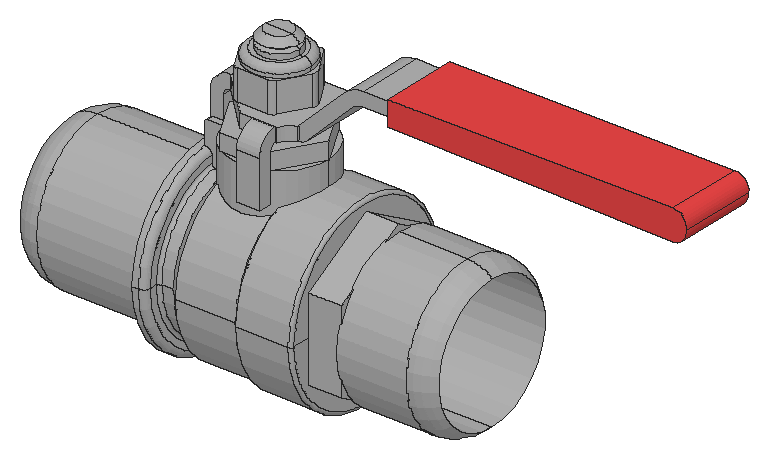
Revit family "QS13600000", category Apparecchi idraulici, Revit 2016
Family settings
  Tipo di parte = Normale
  Quota connettore circolare = Usa diametro
  Numero OmniClass = 23.45.00.00
  Titolo OmniClass = Sanitary, Laundry, and Cleaning Equipment
  Basato su piano di lavoro = No
  Sempre verticale = Sì
  Taglio con vuoti quando caricato = No
  Condiviso = No
  Punto di calcolo locali = No
Parameters
  URL = "https://web.cimberio.it/index.php/figura/173?subcategoria_id=42599"
  DN Model [instance] = QS13601020 : QS13601020
  DN [instance] = 20 mm
Reference planes
  plane 1 "Centro (Fronte/Retro)": y = 0
  plane 2: z = 0
  plane 3 "Centro (Sinistra/Destra)": x = 0
Dimensions and locks
  aligned and locked: level to plane 2
Nested families
  nested 1: "QS13601020" at (0, 0, 0), type <- "DN Model", type "QS13601020"
  nested 2: "QS13601020" at (0, 0, 0), type <- "DN Model", type "QS13601020"
Connectors
  piping at (18.005, 0, 0), diameter 20, driven by "DN"
    settings: on nested 1, index 1, connector inside diameter 609.6 mm, connector length 0 mm, flow factor 0, pipe flow 0.0 L/s, pressure drop 0.0 Pa, fitting loss kfactor 0, connector angle 0.00°, fixture units 0, engagement length 0 mm, angle of deflection 0.00°, flow configuration 0, flow direction 0, fitting loss method 0, system type 7, joint type 0, gender type 0, connector reference index -1, connector utility 0, adjustable connector no, is connector primary yes, connector description ""
  piping at (-11, 0, 0.033), diameter 20, driven by "DN"
    settings: on nested 1, index 2, connector inside diameter 609.6 mm, connector length 0 mm, flow factor 0, pipe flow 0.0 L/s, pressure drop 0.0 Pa, fitting loss kfactor 0, connector angle 0.00°, fixture units 0, engagement length 0 mm, angle of deflection 0.00°, flow configuration 0, flow direction 0, fitting loss method 0, system type 7, joint type 0, gender type 0, connector reference index -1, connector utility 0, adjustable connector no, is connector primary no, connector description ""
Definition of nested family "QS13601020"
  Reference planes
    plane 1 "Centro (Fronte/Retro)": y = 0
    plane 2: z = 0
    plane 3 "Centro (Sinistra/Destra)": x = 0
  Forms (mm)
    Revolve 1, solid
      sketch origin (0, 0, 0.033) x (0, 1, 0) y (-1, 0, 0)
        loop
          line (10, 11) -> (10, -13) -> (13.483, -13)
          arc (13.483, -13) -> (13.836, -12.854) -> (13.983, -12.5) r 0.5
          line (13.983, -12.5) -> (13.983, -4.7) -> (13.283, -4) -> (13.283, 5) -> (11.483, 6.8) -> (11.483, 8.5)
          arc (11.483, 8.5) -> (11.629, 8.853) -> (11.982, 9) r 0.5
          line (11.982, 9) -> (12.983, 9)
          arc (12.983, 9) -> (13.69, 9.293) -> (13.983, 10) r 1
          line (13.983, 10) -> (13.983, 11) -> (10, 11)
        axis (0, 11) -> (0, -13)
      angle from 0 to 360
    Revolve 2, solid
      sketch origin (-8.603, 0, 0) x (-1, 0, 0) y (0, 0, -1)
        loop
          arc (18.724, -11.5) -> (20.708, -11.111) -> (22.397, -10) r 5.249
          line (22.397, -10) -> (2.397, -10) -> (2.397, -11.5) -> (18.724, -11.5)
        axis (22.397, 0) -> (2.397, 0)
      angle from 0 to 360
    Extrusion 3, solid
      sketch origin (0, 0, 0) x (0, 1, 0) y (0, 0, 1)
        loop
          circle (0, 0) r 10
        loop
          line (0, 12.5) -> (-10.825, 6.25) -> (-10.825, -6.25) -> (0, -12.5) -> (10.825, -6.25) -> (10.825, 6.25) -> (0, 12.5)
      from 13 to 18.005
    Revolve 4, solid
      sketch origin (0, 0, 0) x (1, 0, 0) y (0, 0, 1)
        loop
          line (0.073, 17.533) -> (0.073, 8.36) -> (7.506, 8.36) -> (7.506, 17.533) -> (0.073, 17.533)
        axis (0.073, 17.533) -> (0.073, 8.36)
      angle from 0 to 360
    Extrusion 5, solid
      sketch origin (0, 0, 0) x (1, 0, 0) y (0, 0, 1)
        loop
          arc (-9.5, 17.533) -> (-9.853, 17.386) -> (-10, 17.033) r 0.5
          line (-10, 17.033) -> (-10, 8.333) -> (-6.806, 8.333) -> (-6.806, 17.533) -> (-9.5, 17.533)
      from 0 to 1.5
    Extrusion 6, solid
      sketch origin (0, 0, 50.316) x (0, 1, 0) y (-1, 0, 0)
        loop
          line (0, 7.505) -> (-6.495, 3.755) -> (-6.495, -3.745) -> (0, -7.495) -> (6.495, -3.745) -> (6.495, 3.755) -> (0, 7.505)
      from -32.783 to -30.283
    Revolve 7, solid
      sketch origin (0, 0, 0) x (1, 0, 0) y (0, 0, 1)
        loop
          line (-3.975, 22.083) -> (-3.975, 20.033) -> (0, 20.033) -> (0, 22.083) -> (-3.975, 22.083)
        axis (0, 22.083) -> (0, 20.033)
      angle from 0 to 360
    Extrusion 8, solid
      sketch origin (0, 0, 0) x (1, 0, 0) y (0, 0, 1)
        loop
          arc (-7, 24.083) -> (-9.121, 23.204) -> (-10, 21.083) r 3
          line (-10, 21.083) -> (-10, 15.844) -> (-8, 15.844) -> (-8, 21.083)
          arc (-8, 21.083) -> (-7.707, 21.79) -> (-7, 22.083) r 1
          line (-7, 22.083) -> (-7, 24.083)
      from -5 to 0.4
    Extrusion 9, solid
      sketch origin (0, 0, 50.316) x (0, 1, 0) y (-1, 0, 0)
        loop
          line (5, 7) -> (-0.4, 7) -> (-7, 0.4) -> (-7, -5.172)
          arc (-7, -5.172) -> (-5.879, -5.879) -> (-5.172, -7) r 3
          line (-5.172, -7) -> (5, -7) -> (5, 7)
      from -28.233 to -26.233
    Extrusion 10, solid
      sketch origin (0, 0, 0) x (1, 0, 0) y (0, 0, 1)
        loop
          line (7, 24.082) -> (7, 22.083)
          arc (7, 22.083) -> (7.766, 22.235) -> (8.415, 22.669) r 2
          line (8.415, 22.669) -> (15.241, 29.495)
          arc (15.241, 29.495) -> (15.89, 29.928) -> (16.655, 30.08) r 2
          line (16.655, 30.08) -> (21.001, 30.08) -> (21.001, 32.08) -> (16.658, 32.08)
          arc (16.658, 32.08) -> (15.124, 31.776) -> (13.825, 30.907) r 4
          line (13.825, 30.907) -> (7, 24.082)
      from -5 to 5
    Extrusion 11, solid
      sketch origin (0, 0, 0) x (1, 0, 0) y (0, 0, 1)
        loop
          line (21.001, 29.28) -> (63.981, 28.83)
          arc (63.981, 28.83) -> (65.495, 29.499) -> (65.986, 31.079) r 1.999
          arc (65.986, 31.079) -> (65.495, 32.661) -> (63.981, 33.33) r 2
          line (63.981, 33.33) -> (21.001, 32.88) -> (21.001, 29.28)
      from -5.8 to 5.8
    Extrusion 12, solid
      sketch origin (-16, 0, 0) x (0, 0, 1) y (0, 1, 0)
        loop
          line (24.083, -7) -> (22.083, -7)
          arc (22.083, -7) -> (21.79, -7.707) -> (21.083, -8) r 1
          line (21.083, -8) -> (14.083, -8) -> (14.083, -10) -> (21.083, -10)
          arc (21.083, -10) -> (23.204, -9.121) -> (24.083, -7) r 3
      from -21 to -17.6
    Revolve 13, solid
      sketch origin (0, 0, 0) x (1, 0, 0) y (0, 0, 1)
        loop
          line (0, 32.583) -> (0, 29.903) -> (3.028, 29.903) -> (3.028, 30.799) -> (2.304, 31.096) -> (3.042, 31.541) -> (2, 32.583) -> (0, 32.583)
        axis (0, 32.583) -> (0, 29.903)
      angle from 0 to 360
    Revolve 14, solid
      sketch origin (0, 0, 0) x (1, 0, 0) y (0, 0, 1)
        loop
          line (0, 30.083) -> (0, 27.938) -> (4.75, 27.938) -> (4.75, 29.083)
          arc (4.75, 29.083) -> (4.458, 29.79) -> (3.75, 30.083) r 1
          line (3.75, 30.083) -> (0, 30.083)
        axis (0, 30.083) -> (0, 27.938)
      angle from 0 to 360
    Extrusion 15, solid
      sketch origin (0, 0, 50.316) x (0, 1, 0) y (-1, 0, 0)
        loop
          line (-0.534, 5.464) -> (-4.473, 3.19)
          arc (-4.473, 3.19) -> (-4.858, 2.805) -> (-4.999, 2.279) r 1.052
          line (-4.999, 2.279) -> (-4.999, -2.252)
          arc (-4.999, -2.252) -> (-4.852, -2.802) -> (-4.449, -3.204) r 1.1
          line (-4.449, -3.204) -> (-0.535, -5.464)
          arc (-0.535, -5.464) -> (0, -5.608) -> (0.535, -5.464) r 1.069
          line (0.535, -5.464) -> (4.46, -3.198)
          arc (4.46, -3.198) -> (4.855, -2.803) -> (4.999, -2.264) r 1.079
          line (4.999, -2.264) -> (4.999, 2.274)
          arc (4.999, 2.274) -> (4.857, 2.804) -> (4.469, 3.192) r 1.06
          line (4.469, 3.192) -> (0.534, 5.464)
          arc (0.534, 5.464) -> (0, 5.607) -> (-0.534, 5.464) r 1.068
      from -26.233 to -21.733
    Revolve 16, solid
      sketch origin (9.608, 0, 0) x (1, 0, 0) y (0, 0, 1)
        loop
          line (18.724, 11.5) -> (8.289, 11.5) -> (8.289, 10) -> (22.397, 10)
          arc (22.397, 10) -> (20.708, 11.111) -> (18.724, 11.5) r 5.249
        axis (22.397, 0) -> (8.289, 0)
      angle from 0 to 360
  Lines and regions (mm)
    model lines
      curve 1: line (-7.603, 0, 16.13) -> (7.75, 0, 16.13)
  Dimensions and locks
    aligned and locked: level to plane 2
